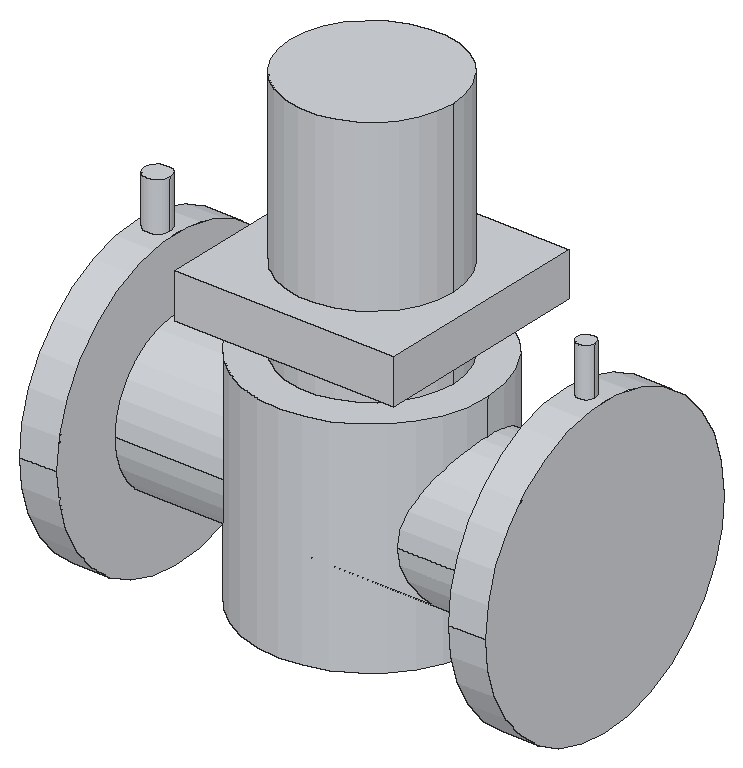
Revit family "PV_Compact_PN16_DN065_(50-200kPa)_RFA_2018", category Pipe Accessories, Revit 2018
Family settings
  Round Connector Dimension = Use Diameter
  Part Type = Valve - Breaks Into
  Work Plane-Based = No
  Always vertical = Yes
  Cut with Voids When Loaded = No
  Shared = No
Parameters (values of type "PV Compact PN16 DN065 (50-200kPa)")
  magiProductId = "62e5150a15b74f6ebf91ec17767c09"
  magiProductFamilyId = "c8b2eac19a98445b953ec5ab518664"
  magiPartTypeId = 304
  isMeasuringValve [instance] = no
  ang2D [instance] = 0.00°
  W2D = 50 mm
  VersionID = "2.0/2018.12.13.2/FRESE_PV_COMPACT_BIG_Q13_001"
  Use Minimum Symbol Size [instance] = no
  URL = "www.hydronic.cz"
  Type Comments = "PŘÍRUBOVÝ; PN16; dpmax=1000kPa; -10~+120°C"
  R4 = 50.75 mm
  R3 = 48.1 mm
  R1 = 72.5 mm
  QmdConnectorList = "301;D;302;D"
  Productdata [instance] = ""
  Manufacturer = "Hydronic Systems Prague s.r.o."
  Maintenance Zone Under Depth [instance] = 100 mm
  Maintenance Zone Right Depth [instance] = 100 mm
  Maintenance Zone Over Depth [instance] = 100 mm
  Maintenance Zone Left Depth [instance] = 100 mm
  Maintenance Zone Front Depth [instance] = 100 mm
  Maintenance Zone Back Depth [instance] = 100 mm
  Maintenance Zone Front Visibility [instance] = no
  MC Use Limits From Balancing Method = no
  MC Throttling Minimum Value = 0
  MC Throttling Maximum Value = 0
  MC Product Code = "53-3304 DN065 PN16; nastavitelný rozsah dp=50~200kPa; Q=7,4~29,7 m3/h;  kvs=42"
  MC Pressure Drop Minimum Value = 0.0 Pa
  MC Pressure Drop Maximum Value = 0.0 Pa
  MC Piping Given Pressure Drop [instance] = 0.0 Pa
  LF__ve = -LF  # -23.2 mm
  LF2 = 11.6 mm
  LF = 23.2 mm
  L4 = 136.3 mm
  L3 = 243.6 mm
  L2D_Min = 30.48 mm
  L2D = 230 mm
  L2 = 145 mm
  H6 = 105.25 mm
  H4 = 27.75 mm
  H3 = 23.125 mm
  H2 = 69.375 mm
  H1 = 138.75 mm
  Description = "Nastavitelný regulátor tlakové diference"
  DF2 = 92.5 mm
  D = 65 mm
  Clearance Zone Height Depth [instance] = 100 mm
  Clearance Zone Circular Radius [instance] = 145 mm
  Clearance Zone Visibility [instance] = no
  CAT0 = yes
Types (4, lengths in mm): name | magiProductId | R4 | R3 | R1 | MC Product Code | LF__ve | LF2 | LF | L4 | L3 | L2 | H6 | H4 | H3 | H2 | H1 | DF2 | D | Clearance Zone Circular Radius
  PV Compact PN16 DN050 (50-200kPa) | "81e9f5a937864fb894d80a4a75c60c" | 40.25 | 42.9 | 57.5 | "53-3301 DN050 PN16; nastavitelný rozsah dp=50~200kPa; Q=5,1~20,5 m3/h;  kvs=29" | -18.4 | 9.2 | 18.4 | 108.1 | 193.2 | 115 | 82.25 | 24.75 | 20.625 | 61.875 | 123.75 | 82.5 | 50 | 115
  PV Compact PN16 DN065 (50-200kPa) | "62e5150a15b74f6ebf91ec17767c09" | 50.75 | 48.1 | 72.5 | "53-3304 DN065 PN16; nastavitelný rozsah dp=50~200kPa; Q=7,4~29,7 m3/h;  kvs=42" | -23.2 | 11.6 | 23.2 | 136.3 | 243.6 | 145 | 105.25 | 27.75 | 23.125 | 69.375 | 138.75 | 92.5 | 65 | 145
  PV Compact PN16 DN080 (50-200kPa) | "56ecf79d7ca14ffb95f20ac45086c0" | 54.25 | 52 | 77.5 | "53-3307 DN080 PN16; nastavitelný rozsah dp=50~200kPa; Q=20,5~82,1 m3/h;  kvs=67" | -24.8 | 12.4 | 24.8 | 145.7 | 260.4 | 155 | 141 | 30 | 25 | 75 | 150 | 100 | 80 | 155
  PV Compact PN16 DN100 (50-200kPa) | "238894349c704e30980898d6a42884" | 61.25 | 61.1 | 87.5 | "53-3310 DN100 PN16; nastavitelný rozsah dp=50~200kPa; Q=20,3~81,3 m3/h;  kvs=115" | -28 | 14 | 28 | 164.5 | 294 | 175 | 234.75 | 35.25 | 29.375 | 88.125 | 176.25 | 117.5 | 100 | 175
Reference planes
  plane 1 "Center (Front/Back)": y = 0
  plane 2 "XYPLANE": z = 0
  plane 3 "Center (Left/Right)": x = 0
  plane 4 "257": y = -92.5
  plane 5 "256": y = 92.5
  plane 6 "255": z = -92.5
  plane 7 "254": y = -192.5
  plane 8 "253": y = 192.5
  plane 9 "252": x = -245
  plane 10 "251": x = 245
  plane 11 "250": z = 325.5
  plane 12 "249": z = -192.5
  plane 13 "248": z = 325.5
  plane 14 "247": z = 225.5
  plane 15 "157": x = 133.4
  plane 16 "156": x = -133.4
  plane 17 "155": z = 92.5
  plane 18 "154": z = 120.25
  plane 19 "153": z = 92.5
  plane 20 "152": z = 69.375
  plane 21 "151": x = -121.8
  plane 22 "150": z = -69.375
  plane 23 "149": x = 0
  plane 24 "148": y = 0
  plane 25 "147": z = 0
  plane 26 "146": x = -145
  plane 27 "145": x = 145
Forms (mm)
  Blend 1, solid, visible <- "Maintenance Zone Front Visibility"
    base sketch origin (-750, 0, -192.5) x (1, 0, 0) y (0, 1, 0)
      loop
        line (505, 192.5) -> (505, -192.5) -> (995, -192.5) -> (995, 192.5) -> (505, 192.5)
    top sketch origin (-750, 0, -192.5) x (1, 0, 0) y (0, 1, 0)
      loop
        line (505, 192.5) -> (505, -192.5) -> (995, -192.5) -> (995, 192.5) -> (505, 192.5)
    from 0 to 518
  Blend 2, solid, visible <- "Clearance Zone Visibility"
    base sketch origin (-750, 0, 0) x (1, 0, 0) y (0, 1, 0)
      loop
        circle (750, 0) r 145
    top sketch origin (-750, 0, 0) x (1, 0, 0) y (0, 1, 0)
      loop
        circle (750, 0) r 145
    from 0 to 325.5
  Extrusion 3, solid, visible <- "CAT0"
    sketch origin (-750, 0, 92.5) x (1, 0, 0) y (0, 1, 0)
      loop
        circle (883.4, 0) r 5.5
    from 0 to 30
  Extrusion 4, solid, visible <- "CAT0"
    sketch origin (-750, 0, 92.5) x (1, 0, 0) y (0, 1, 0)
      loop
        circle (616.6, 0) r 7.9
    from 0 to 30
  Extrusion 5, solid
    sketch origin (-750, 0, 120.25) x (1, 0, 0) y (0, 1, 0)
      loop
        circle (750, 0) r 50.75
    from 0 to 105.25 <- "H6"
  Extrusion 6, solid, visible <- "CAT0"
    sketch origin (-750, 0, 92.5) x (1, 0, 0) y (0, 1, 0)
      loop
        line (818.15, 68.15) -> (681.85, 68.15) -> (681.85, -68.15) -> (818.15, -68.15) -> (818.15, 68.15)
    from 0 to 27.75 <- "H4"
  Extrusion 7, solid, visible <- "CAT0"
    sketch origin (-750, 0, 69.375) x (1, 0, 0) y (0, 1, 0)
      loop
        circle (750, 0) r 50.75
    from 0 to 23.125 <- "H3"
  Extrusion 8, solid, visible <- "CAT0"
    sketch origin (-121.8, -750, 0) x (0, 1, 0) y (0, 0, 1)
      loop
        circle (750, 0) r 48.1
    from 0 to 243.6 <- "L3"
  Extrusion 9, solid, visible <- "CAT0"
    sketch origin (-750, 0, -69.375) x (1, 0, 0) y (0, 1, 0)
      loop
        circle (750, 0) r 72.5
    from 0 to 138.75 <- "H1"
  Extrusion 10, solid, visible <- "CAT0"
    sketch origin (-145, -750, 0) x (0, 1, 0) y (0, 0, 1)
      loop
        circle (750, 0) r 92.5
    from 0 to 23.2 <- "LF"
  Extrusion 11, solid, visible <- "CAT0"
    sketch origin (145, -750, 0) x (0, 1, 0) y (0, 0, 1)
      loop
        circle (750, 0) r 92.5
    from 0 to -23.2 <- "LF__ve"
  Extrusion 12, solid, not visible
    sketch origin (-145, -750, 0) x (0, 1, 0) y (0, 0, 1)
      loop
        circle (750, 0) r 10
    from 0 to 10
  Extrusion 13, solid, not visible
    sketch origin (145, -750, 0) x (0, 1, 0) y (0, 0, 1)
      loop
        circle (750, 0) r 10
    from 0 to -10
Lines and regions (mm)
  reference lines, not visible
    curve 1: circle (2, 2, 0) r 1 normal (0, 0, 1)
  reference lines
    curve 2: circle (0, 0, 92.5) r 1 normal (0, 0, 1)
Dimensions and locks
  plane 1 "Center (Front/Back)" to curve 1 = 2 mm
  "DF2": plane 24 "148" to plane 4 "257"
  "DF2": plane 24 "148" to plane 5 "256"
  "DF2": plane 25 "147" to plane 6 "255"
  "Maintenance Zone Front Depth": plane 4 "257" to plane 7 "254"
  "Maintenance Zone Back Depth": plane 5 "256" to plane 8 "253"
  "Maintenance Zone Left Depth": plane 26 "146" to plane 9 "252"
  "Maintenance Zone Right Depth": plane 27 "145" to plane 10 "251"
  "Maintenance Zone Over Depth": plane 14 "247" to plane 11 "250"
  "Maintenance Zone Under Depth": plane 6 "255" to plane 12 "249"
  "Clearance Zone Height Depth": plane 14 "247" to plane 13 "248"
  "H6": plane 18 "154" to plane 14 "247"
  "LF2": plane 27 "145" to plane 15 "157"
  "LF2": plane 26 "146" to plane 16 "156"
  "DF2": plane 2 "XYPLANE" to plane 17 "155"
  "H4": plane 19 "153" to plane 18 "154"
  "H3": plane 20 "152" to plane 19 "153"
  "H1": plane 22 "150" to plane 20 "152"
  "LF": plane 26 "146" to plane 21 "151"
  "H2": plane 2 "XYPLANE" to plane 22 "150"
  locked: plane 3 "Center (Left/Right)" to plane 23 "149"
  locked: plane 1 "Center (Front/Back)" to plane 24 "148"
  locked: plane 2 "XYPLANE" to plane 25 "147"
  "L2": plane 3 "Center (Left/Right)" to plane 26 "146"
  "L2": plane 3 "Center (Left/Right)" to plane 27 "145"
  Blend 1 sketch curve to Blend 1 sketch curve = 0 mm  (x16)
  equal spacing: Extrusion 6 sketch curve, curve 2, Extrusion 6 sketch curve  (x2)
  "L4": Extrusion 6 sketch curve to Extrusion 6 sketch curve  (x2)
  Extrusion 6 sketch curve to Extrusion 6 sketch curve = 0 mm  (x8)
  "Clearance Zone Circular Radius": radius of Blend 2 sketch curve  (x2)
  "R4": radius of Extrusion 5 sketch curve
  "R4": radius of Extrusion 7 sketch curve
  "R3": radius of Extrusion 8 sketch curve
  "R1": radius of Extrusion 9 sketch curve
  "DF2": radius of Extrusion 10 sketch curve
  "DF2": radius of Extrusion 11 sketch curve
  aligned and locked: level to plane 2 "XYPLANE"
  aligned and locked: Blend 1 sketch curve to plane 8 "253"  (x2)
  aligned and locked: plane 9 "252" to Blend 1 sketch curve  (x4)
  aligned and locked: plane 10 "251" to Blend 1 sketch curve  (x4)
  aligned and locked: plane 8 "253" to Blend 1 sketch curve  (x2)
  aligned and locked: plane 7 "254" to Blend 1 sketch curve  (x4)
  aligned and locked: plane 11 "250" to Blend 1
  aligned and locked: plane 23 "149" to Blend 2 sketch curve  (x2)
  aligned and locked: plane 24 "148" to Blend 2 sketch curve  (x2)
  aligned and locked: plane 13 "248" to Blend 2
  aligned and locked: plane 15 "157" to Extrusion 3 sketch curve
  aligned and locked: plane 24 "148" to Extrusion 3 sketch curve
  aligned and locked: plane 16 "156" to Extrusion 4 sketch curve
  aligned and locked: plane 24 "148" to Extrusion 4 sketch curve
  aligned and locked: plane 23 "149" to Extrusion 5 sketch curve
  aligned and locked: plane 24 "148" to Extrusion 5 sketch curve
  aligned and locked: plane 23 "149" to curve 2
  aligned and locked: plane 24 "148" to curve 2
  aligned and locked: plane 23 "149" to Extrusion 7 sketch curve
  aligned and locked: plane 24 "148" to Extrusion 7 sketch curve
  aligned and locked: Extrusion 8 sketch curve to plane 24 "148"
  aligned and locked: plane 25 "147" to Extrusion 8 sketch curve
  aligned and locked: plane 23 "149" to Extrusion 9 sketch curve
  aligned and locked: plane 24 "148" to Extrusion 9 sketch curve
  aligned and locked: Extrusion 10 sketch curve to plane 24 "148"
  aligned and locked: plane 25 "147" to Extrusion 10 sketch curve
  aligned and locked: Extrusion 11 sketch curve to plane 24 "148"
  aligned and locked: plane 25 "147" to Extrusion 11 sketch curve
  aligned and locked: Extrusion 12 sketch curve to plane 24 "148"
  aligned and locked: plane 25 "147" to Extrusion 12 sketch curve
  aligned and locked: Extrusion 13 sketch curve to plane 24 "148"
  aligned and locked: plane 25 "147" to Extrusion 13 sketch curve
Automatic sketch dimensions
  Extrusion 3 sketch curve to plane 15 "157" = 5.5 mm
  plane 26 "146" to Extrusion 4 sketch curve = 3.7 mm
  plane 1 "Center (Front/Back)" to Extrusion 12 sketch curve = 10 mm
  plane 1 "Center (Front/Back)" to Extrusion 13 sketch curve = 10 mm
  plane 3 "Center (Left/Right)" to curve 1 = 2 mm
  plane 21 "151" to Extrusion 6 sketch curve = 53.65 mm
  plane 4 "257" to Extrusion 6 sketch curve = 24.35 mm
  radius of curve 2 = 1 mm
  radius of curve 1 = 1 mm
Connectors
  piping at (-145, 0, 0), diameter 65, driven by "D"
    settings: on Extrusion 12, index 1, connector inside diameter 609.6 mm, connector length 0 mm, flow factor 0, pipe flow 0.0 L/s, pressure drop 0.0 Pa, fitting loss kfactor 0, connector angle 0.00°, fixture units 0, engagement length 0 mm, angle of deflection 0.00°, flow configuration 0, flow direction 0, fitting loss method 0, system type 29, joint type 0, gender type 0, connector reference index 2, connector utility 0, adjustable connector no, is connector primary yes, connector description ""
  piping at (145, 0, 0), diameter 65, driven by "D"
    settings: on Extrusion 13, index 2, connector inside diameter 609.6 mm, connector length 0 mm, flow factor 0, pipe flow 0.0 L/s, pressure drop 0.0 Pa, fitting loss kfactor 0, connector angle 0.00°, fixture units 0, engagement length 0 mm, angle of deflection 0.00°, flow configuration 0, flow direction 0, fitting loss method 0, system type 29, joint type 0, gender type 0, connector reference index 1, connector utility 0, adjustable connector no, is connector primary no, connector description ""
